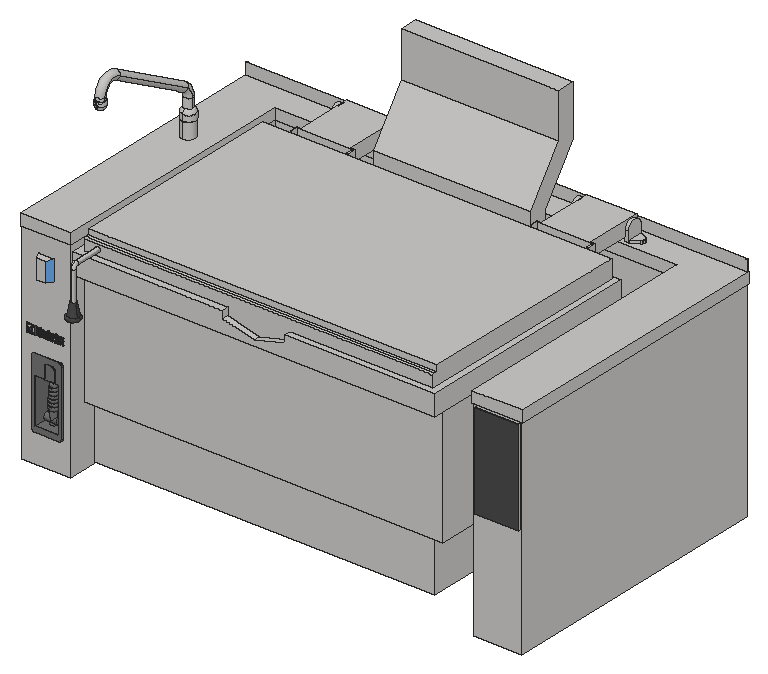
Revit family "QF_ELECTROLUXPROFESSIONAL_586958_PFET17GLCS", category Specialty Equipment, Revit 2018 (continued)
Automatic sketch dimensions
  Extrusion 27 sketch curve to Extrusion 27 sketch curve = 0.624 mm  (x2)
  Extrusion 27 sketch curve to Extrusion 27 sketch curve = 0.016 mm  (x2)
  Extrusion 27 sketch curve to Extrusion 27 sketch curve = 0.709 mm  (x2)
  Extrusion 27 sketch curve to Extrusion 27 sketch curve = 0.602 mm
  Extrusion 27 sketch curve to Extrusion 27 sketch curve = 0.607 mm
  Extrusion 27 sketch curve to Extrusion 27 sketch curve = 0.372 mm  (x2)
  Extrusion 27 sketch curve to Extrusion 27 sketch curve = 1.696 mm
  Extrusion 27 sketch curve to Extrusion 27 sketch curve = 1.752 mm
  Extrusion 27 sketch curve to Extrusion 27 sketch curve = 0.182 mm  (x2)
  Extrusion 27 sketch curve to Extrusion 27 sketch curve = 0.93 mm
  Extrusion 27 sketch curve to Extrusion 27 sketch curve = 0.155 mm  (x2)
  Extrusion 27 sketch curve to Extrusion 27 sketch curve = 0.996 mm
  Extrusion 27 sketch curve to Extrusion 27 sketch curve = 0.297 mm  (x2)
  Extrusion 27 sketch curve to Extrusion 27 sketch curve = 2.359 mm
  Extrusion 27 sketch curve to Extrusion 27 sketch curve = 0.839 mm
  Extrusion 27 sketch curve to Extrusion 27 sketch curve = 0.892 mm  (x2)
  Extrusion 27 sketch curve to Extrusion 27 sketch curve = 0.563 mm
  Extrusion 27 sketch curve to Extrusion 27 sketch curve = 1.037 mm
  Extrusion 27 sketch curve to Extrusion 27 sketch curve = 0.531 mm  (x2)
  Extrusion 27 sketch curve to Extrusion 27 sketch curve = 0.068 mm  (x2)
  Extrusion 27 sketch curve to Extrusion 27 sketch curve = 0.203 mm
  Extrusion 27 sketch curve to Extrusion 27 sketch curve = 0.107 mm  (x2)
  Extrusion 27 sketch curve to Extrusion 27 sketch curve = 1.305 mm
  Extrusion 27 sketch curve to Extrusion 27 sketch curve = 1.058 mm
  Extrusion 27 sketch curve to Extrusion 27 sketch curve = 0.365 mm
  Extrusion 27 sketch curve to Extrusion 27 sketch curve = 0.15 mm  (x2)
  Extrusion 27 sketch curve to Extrusion 27 sketch curve = 0.475 mm
  Extrusion 27 sketch curve to Extrusion 27 sketch curve = 0.292 mm
  Extrusion 27 sketch curve to Extrusion 27 sketch curve = 0.434 mm  (x2)
  Extrusion 27 sketch curve to Extrusion 27 sketch curve = 0.385 mm  (x2)
  Extrusion 27 sketch curve to Extrusion 27 sketch curve = 2.117 mm
  Extrusion 27 sketch curve to Extrusion 27 sketch curve = 0.295 mm  (x2)
  Extrusion 27 sketch curve to Extrusion 27 sketch curve = 0.968 mm
  Extrusion 27 sketch curve to Extrusion 27 sketch curve = 3.826 mm
  Extrusion 27 sketch curve to Extrusion 27 sketch curve = 1.018 mm  (x2)
  Extrusion 27 sketch curve to Extrusion 27 sketch curve = 4.718 mm
  Extrusion 27 sketch curve to Extrusion 27 sketch curve = 2.967 mm
  Extrusion 27 sketch curve to Extrusion 27 sketch curve = 1.662 mm
  Extrusion 27 sketch curve to Extrusion 27 sketch curve = 1.626 mm  (x3)
  Extrusion 27 sketch curve to Extrusion 27 sketch curve = 1.65 mm
  Extrusion 27 sketch curve to Extrusion 27 sketch curve = 1.192 mm
  Extrusion 27 sketch curve to Extrusion 27 sketch curve = 2.57 mm  (x2)
  Extrusion 27 sketch curve to Extrusion 27 sketch curve = 3.444 mm  (x2)
  Extrusion 27 sketch curve to Extrusion 27 sketch curve = 1.343 mm  (x2)
  Extrusion 27 sketch curve to Extrusion 27 sketch curve = 1.353 mm  (x2)
  Extrusion 27 sketch curve to Extrusion 27 sketch curve = 0.027 mm  (x2)
  Extrusion 27 sketch curve to Extrusion 27 sketch curve = 0.395 mm  (x2)
  Extrusion 27 sketch curve to Extrusion 27 sketch curve = 0.329 mm  (x2)
  Extrusion 27 sketch curve to Extrusion 27 sketch curve = 0.425 mm  (x2)
  Extrusion 27 sketch curve to Extrusion 27 sketch curve = 0.051 mm  (x2)
  Extrusion 27 sketch curve to Extrusion 27 sketch curve = 0.495 mm  (x2)
  Extrusion 27 sketch curve to Extrusion 27 sketch curve = 0.267 mm  (x2)
  Extrusion 27 sketch curve to Extrusion 27 sketch curve = 1.40 mm
  Extrusion 27 sketch curve to Extrusion 27 sketch curve = 5.233 mm
  Extrusion 27 sketch curve to Extrusion 27 sketch curve = 2.062 mm
  plane 3 "LEFT" to Extrusion 28 sketch curve = 43.40 mm
  Extrusion 28 sketch curve to Extrusion 28 sketch curve = 82.00 mm
  plane 7 to Extrusion 28 sketch curve = 105.944 mm
  Extrusion 28 sketch curve to Extrusion 28 sketch curve = 195.00 mm
  Extrusion 29 sketch curve to plane 6 "TOP" = 0.00 mm
  Extrusion 29 sketch curve to plane 1 "BACK" = 0.00 mm
  Extrusion 29 sketch curve to Extrusion 29 sketch curve = 2.00 mm
  plane 6 "TOP" to Extrusion 29 sketch curve = 37.998 mm
  radius of Sweep 5 sketch curve = 6.119 mm
  radius of Extrusion 22 sketch curve = 6.35 mm  (x2)
  radius of Extrusion 22 sketch curve = 12.70 mm
  radius of Extrusion 23 sketch curve = 6.35 mm
  radius of curve 27 = 25.00 mm
  radius of Extrusion 27 sketch curve = 2.453 mm
  radius of Extrusion 27 sketch curve = 1.557 mm
  radius of Extrusion 27 sketch curve = 1.468 mm
  radius of Extrusion 27 sketch curve = 2.451 mm
Nested families
  nested 1: "QF_ELECTROLUXPROFESSIONAL_RubSprint" at (80, -330.346, 900), type "QF_ELECTROLUXPROFESSIONAL_RubSprint"
  nested 2: "QF_ELECTROLUXPROFESSIONAL_SprayGun" at (80.4, -837, 291.944), type "QF_ELECTROLUXPROFESSIONAL_SprayGun"
Connectors
  electrical at (1521.204, 5, 320), driven by "Volts"
    settings: on Extrusion 23, index 1, voltage 230 V, apparent load 200 VA, apparent load phase1 0 VA, apparent load phase2 0 VA, apparent load phase3 0 VA, power factor 1, load classification "Other", number of poles 1, system type 30, power factor state 1, is connector primary yes, connector utility no, sub classification motor no, connector description "Electrical Connection"
  piping at (106.204, 5, 395), diameter 12.7
    settings: on Extrusion 22, index 2, connector inside diameter 1/2", connector length 0.00 mm, flow factor 0, pipe flow 0 GPM, pressure drop 0.00 psi, fitting loss kfactor 0, connector angle 0.00°, fixture units 0, engagement length 0.00 mm, angle of deflection 0.00°, flow configuration 1, flow direction 1, fitting loss method 0, system type 20, joint type 0, gender type 0, connector reference index -1, connector utility 0, adjustable connector no, is connector primary yes, connector description "Cold Water Inlet"
  piping at (46.204, 5, 395), diameter 12.7
    settings: on Extrusion 22, index 3, connector inside diameter 1/2", connector length 0.00 mm, flow factor 0, pipe flow 0 GPM, pressure drop 0.00 psi, fitting loss kfactor 0, connector angle 0.00°, fixture units 0, engagement length 0.00 mm, angle of deflection 0.00°, flow configuration 1, flow direction 1, fitting loss method 0, system type 19, joint type 0, gender type 0, connector reference index -1, connector utility 0, adjustable connector no, is connector primary no, connector description "Hot Water Inlet"
  piping at (75, 5, 345), diameter 25.4
    settings: on Extrusion 22, index 4, connector inside diameter 1", connector length 0.00 mm, flow factor 0, pipe flow 0 GPM, pressure drop 0.00 psi, fitting loss kfactor 0, connector angle 0.00°, fixture units 0, engagement length 0.00 mm, angle of deflection 0.00°, flow configuration 1, flow direction 1, fitting loss method 0, system type 7, joint type 0, gender type 0, connector reference index -1, connector utility 0, adjustable connector no, is connector primary no, connector description "Gas Connection"
Definition of nested family "QF_ELECTROLUXPROFESSIONAL_RubSprint"
  Reference planes
    plane 1 "Center (Front/Back)": y = 0
    plane 2: z = 0
    plane 3 "Center (Left/Right)": x = 0
  Forms (mm)
    Revolve 1, solid
      sketch origin (0, 0, 0) x (0, 1, 0) y (0, 0, 1)
        loop
          line (-21, 0) -> (0, 0) -> (0, 82.75) -> (-14.385, 82.75)
          arc (-14.385, 82.75) -> (-19.409, 76.68) -> (-22.385, 69.383) r 26
          line (-22.385, 69.383) -> (-22.385, 51.306) -> (-21, 50.388) -> (-21, 0)
        axis (0, 82.75) -> (0, 0)
      angle from 0 to 360
    Sweep 2, solid
      path origin (0, 0, 0) x (0, 1, 0) y (0, 0, 1)
        loop
          line (0, 82.75) -> (0, 113.75)
          arc (0, 113.75) -> (-5.44, 133.889) -> (-20.279, 148.551) r 40
          line (-20.279, 148.551) -> (-290.279, 301.55)
          arc (-290.279, 301.55) -> (-330.139, 301.31) -> (-349.999, 266.749) r 40
          line (-349.999, 266.749) -> (-349.999, 257.884)
      profile origin (0, 0, 98.25) x (0, -1, 0) y (1, 0, 0)
        loop
          circle (0, 0) r 13.5
    Revolve 3, solid
      sketch origin (0, 0, 0) x (0, 1, 0) y (0, 0, 1)
        loop
          line (-333.717, 244.264) -> (-333.717, 254.236)
          arc (-333.717, 254.236) -> (-334.434, 255.758) -> (-335.779, 256.77) r 3.5
          line (-335.779, 256.77) -> (-336.499, 257.884) -> (-349.999, 257.884) -> (-349.999, 233.05) -> (-339.2, 233.05)
          arc (-339.2, 233.05) -> (-338.052, 233.411) -> (-337.32, 234.365) r 2
          line (-337.32, 234.365) -> (-333.717, 244.264)
        axis (-349.999, 257.884) -> (-349.999, 233.05)
      angle from 0 to 360
  Lines and regions (mm)
    symbolic lines
      curve 1: arc (-13.5, -17.856, 0) -> (0, 22.385, 0) -> (13.5, -17.856, 0) r 22.385
      curve 2: arc (-13.5, 0, 0) -> (0, 13.5, 0) -> (13.5, 0, 0) r 13.5
      curve 3: arc (-13.5, -349.999, 0) -> (0, -363.499, 0) -> (13.5, -349.999, 0) r 13.5
      curve 4: arc (-13.5, -340.897, 0) -> (0, -366.281, 0) -> (13.5, -340.897, 0) r 16.282
      curve 5: line (13.5, -349.999, 0) -> (13.5, 0, 0)
      curve 6: line (-13.5, -349.999, 0) -> (-13.5, 0, 0)
  Dimensions and locks
    aligned and locked: level to plane 2
Definition of nested family "QF_ELECTROLUXPROFESSIONAL_SprayGun"
  Reference planes
    plane 1 "Center (Front/Back)": y = 0
    plane 2: z = 0
    plane 3 "SGy": x = 13
    plane 4 "AxeZ": y = -45
    plane 5 "Center (Left/Right)": x = 4
    plane 6 "Center (Top/Right)": z = 112.5
  Forms (mm)
    Revolve 1, solid
      sketch origin (0, -45, 0) x (0, 0, 1) y (-1, 0, 0)
        loop
          line (73.98, -1.423) -> (33.98, -1.423) -> (33.98, -13) -> (151.7, -13) -> (151.7, -4.362)
          arc (151.7, -4.362) -> (147.093, -1.396) -> (141.64, -1.926) r 8.345
          arc (141.64, -1.926) -> (140.226, -2.024) -> (139.103, -1.16) r 2
          arc (139.103, -1.16) -> (138.832, -0.814) -> (138.493, -0.536) r 2
          arc (138.493, -0.536) -> (134.77, 0.557) -> (131.061, -0.581) r 6.745
          arc (131.061, -0.581) -> (129.812, -0.914) -> (128.62, -0.414) r 2
          arc (128.62, -0.414) -> (124.347, 1.338) -> (119.917, 0.035) r 6.972
          arc (119.917, 0.035) -> (118.79, -0.341) -> (117.648, -0.011) r 2
          arc (117.648, -0.011) -> (113.81, 1.188) -> (109.921, 0.166) r 7.275
          arc (109.921, 0.166) -> (108.725, -0.109) -> (107.594, 0.367) r 2
          arc (107.594, 0.367) -> (103.55, 1.928) -> (99.427, 0.587) r 6.475
          arc (99.427, 0.587) -> (98.262, 0.173) -> (97.076, 0.524) r 2
          arc (97.076, 0.524) -> (92.711, 1.941) -> (88.277, 0.758) r 8.094
          arc (88.277, 0.758) -> (87.212, 0.464) -> (86.153, 0.781) r 2
          arc (86.153, 0.781) -> (79.633, 2.075) -> (73.98, -1.423) r 9.075
        axis (151.7, -13) -> (33.98, -13)
      angle from 0 to 360
    Revolve 2, solid
      sketch origin (0, -45, 0) x (0, 0, 1) y (-1, 0, 0)
        loop
          line (47.58, 11.558) -> (40.98, 11.558) -> (40.98, 9.577) -> (35.98, 9.577) -> (35.98, -30.423) -> (40.98, -30.423) -> (40.98, -35.423) -> (47.58, -35.423) -> (47.58, 11.558)
        axis (47.58, 11.558) -> (47.58, -35.423)
      angle from 0 to 360
    Extrusion 3, solid
      sketch origin (0, -45, 0) x (1, 0, 0) y (0, 1, 0)
        loop
          line (21.638, 0) -> (17.319, 7.481) -> (8.681, 7.481) -> (4.362, 0) -> (8.681, -7.481) -> (17.319, -7.481) -> (21.638, 0)
      from 151.7 to 160.974
    Extrusion 4, solid
      sketch origin (0, 0, 0) x (1, 0, 0) y (0, 0, 1)
        loop
          arc (-45, 10) -> (-42.071, 2.929) -> (-35, 0) r 10
          line (-35, 0) -> (43, 0)
          arc (43, 0) -> (50.071, 2.929) -> (53, 10) r 10
          line (53, 10) -> (53, 215)
          arc (53, 215) -> (50.071, 222.071) -> (43, 225) r 10
          line (43, 225) -> (-35, 225)
          arc (-35, 225) -> (-42.071, 222.071) -> (-45, 215) r 10
          line (-45, 215) -> (-45, 10)
        loop
          line (-35, 162) -> (-35, 16) -> (43, 16) -> (43, 162) -> (29, 162) -> (29, 199)
          arc (29, 199) -> (26.657, 204.657) -> (21, 207) r 8
          line (21, 207) -> (5, 207)
          arc (5, 207) -> (-0.657, 204.657) -> (-3, 199) r 8
          line (-3, 199) -> (-3, 162) -> (-35, 162)
      from 63 to 60
    Extrusion 5, solid
      sketch origin (0, 0, 0) x (1, 0, 0) y (0, 0, 1)
        loop
          line (-35, 16) -> (43, 16) -> (43, 162) -> (29, 162) -> (29, 199)
          arc (29, 199) -> (26.657, 204.657) -> (21, 207) r 8
          line (21, 207) -> (5, 207)
          arc (5, 207) -> (-0.657, 204.657) -> (-3, 199) r 8
          line (-3, 199) -> (-3, 162) -> (-35, 162) -> (-35, 16)
        loop
          line (31, 164) -> (31, 199)
          arc (31, 199) -> (28.071, 206.071) -> (21, 209) r 10
          line (21, 209) -> (5, 209)
          arc (5, 209) -> (-2.071, 206.071) -> (-5, 199) r 10
          line (-5, 199) -> (-5, 164) -> (-37, 164) -> (-37, 14) -> (45, 14) -> (45, 164) -> (31, 164)
      from 0 to 60
    Extrusion 6, solid
      sketch origin (0, 0, 0) x (1, 0, 0) y (0, 0, 1)
        loop
          line (-37, 164) -> (-37, 14) -> (45, 14) -> (45, 164) -> (-37, 164)
      from 6 to 0
    Extrusion 7, solid
      sketch origin (0, 0, 0) x (1, 0, 0) y (0, 0, 1)
        loop
          line (28, 160.974) -> (28, 198)
          arc (28, 198) -> (25.657, 203.657) -> (20, 206) r 8
          line (20, 206) -> (6, 206)
          arc (6, 206) -> (0.343, 203.657) -> (-2, 198) r 8
          line (-2, 198) -> (-2, 160.974) -> (28, 160.974)
      from 0 to 63
  Dimensions and locks
    equal spacing: Extrusion 4, plane 5 "Center (Left/Right)", Extrusion 4
    Extrusion 4 to Extrusion 4 = 225.00 mm
    Extrusion 4 to Extrusion 4 = 98.00 mm
    aligned and locked: level to plane 2
  Automatic sketch dimensions
    plane 3 "SGy" to Revolve 1 sketch curve = 0.00 mm  (x2)
    plane 5 "Center (Left/Right)" to Revolve 1 sketch curve = 2.577 mm
    level to Revolve 1 sketch curve = 33.98 mm
    Revolve 1 sketch curve to Revolve 1 sketch curve = 40.00 mm
    Revolve 1 sketch curve to plane 5 "Center (Left/Right)" = 2.854 mm
    Revolve 1 sketch curve to Revolve 1 sketch curve = 7.27 mm
    Revolve 1 sketch curve to Revolve 1 sketch curve = 5.984 mm
    Revolve 1 sketch curve to plane 5 "Center (Left/Right)" = 2.15 mm
    Revolve 1 sketch curve to Revolve 1 sketch curve = 5.262 mm
    Revolve 1 sketch curve to Revolve 1 sketch curve = 5.712 mm
    Revolve 1 sketch curve to plane 5 "Center (Left/Right)" = 0.545 mm
    Revolve 1 sketch curve to Revolve 1 sketch curve = 5.167 mm
    Revolve 1 sketch curve to Revolve 1 sketch curve = 5.522 mm
    Revolve 1 sketch curve to plane 5 "Center (Left/Right)" = 2.085 mm
    Revolve 1 sketch curve to Revolve 1 sketch curve = 4.746 mm
    Revolve 1 sketch curve to Revolve 1 sketch curve = 5.106 mm
    Revolve 1 sketch curve to plane 5 "Center (Left/Right)" = 1.624 mm
    Revolve 1 sketch curve to Revolve 1 sketch curve = 5.239 mm
    Revolve 1 sketch curve to Revolve 1 sketch curve = 5.96 mm
    Revolve 1 sketch curve to plane 5 "Center (Left/Right)" = 2.187 mm
    Revolve 1 sketch curve to Revolve 1 sketch curve = 4.862 mm
    plane 5 "Center (Left/Right)" to Revolve 1 sketch curve = 1.788 mm
    Revolve 1 sketch curve to Revolve 1 sketch curve = 2.59 mm
    Revolve 1 sketch curve to Revolve 1 sketch curve = 3.403 mm
    plane 3 "SGy" to Revolve 1 sketch curve = 3.493 mm
    Revolve 1 sketch curve to Revolve 1 sketch curve = 4.325 mm
    Revolve 1 sketch curve to Revolve 1 sketch curve = 6.57 mm
    Revolve 1 sketch curve to plane 5 "Center (Left/Right)" = 0.362 mm
    plane 5 "Center (Left/Right)" to Revolve 1 sketch curve = 3.891 mm
    plane 5 "Center (Left/Right)" to Revolve 1 sketch curve = 5.081 mm
    plane 5 "Center (Left/Right)" to Revolve 1 sketch curve = 5.658 mm
    plane 5 "Center (Left/Right)" to Revolve 1 sketch curve = 5.884 mm
    plane 5 "Center (Left/Right)" to Revolve 1 sketch curve = 6.173 mm
    plane 5 "Center (Left/Right)" to Revolve 1 sketch curve = 6.464 mm
    Revolve 1 sketch curve to Revolve 1 sketch curve = 7.72 mm
    Revolve 1 sketch curve to Revolve 1 sketch curve = 0.00 mm  (x12)
    Revolve 1 sketch curve to Revolve 1 sketch curve = 1.57 mm
    Revolve 2 sketch curve to plane 3 "SGy" = 17.423 mm
    level to Revolve 2 sketch curve = 35.98 mm
    Revolve 2 sketch curve to Revolve 2 sketch curve = 5.00 mm  (x3)
    Revolve 2 sketch curve to Revolve 2 sketch curve = 6.60 mm
    plane 5 "Center (Left/Right)" to Revolve 2 sketch curve = 13.577 mm
    Revolve 2 sketch curve to Revolve 2 sketch curve = 1.981 mm
    Revolve 2 sketch curve to Revolve 2 sketch curve = 0.00 mm  (x2)
    Revolve 2 sketch curve to Revolve 2 sketch curve = 4.326 mm
    plane 4 "AxeZ" to Extrusion 3 sketch curve = 0.00 mm  (x2)
    Extrusion 3 sketch curve to plane 5 "Center (Left/Right)" = 0.362 mm
    plane 3 "SGy" to Extrusion 3 sketch curve = 4.319 mm  (x2)
    Extrusion 3 sketch curve to plane 3 "SGy" = 4.319 mm  (x2)
    Extrusion 3 sketch curve to Extrusion 3 sketch curve = 4.319 mm
    plane 4 "AxeZ" to Extrusion 3 sketch curve = 7.481 mm
    Extrusion 3 sketch curve to plane 4 "AxeZ" = 7.481 mm
    Extrusion 4 sketch curve to level = 0.00 mm
    level to Extrusion 4 sketch curve = 10.00 mm
    plane 5 "Center (Left/Right)" to Extrusion 4 sketch curve = 49.00 mm
    Extrusion 4 sketch curve to Extrusion 4 sketch curve = 10.00 mm  (x2)
    Extrusion 4 sketch curve to Extrusion 4 sketch curve = 0.00 mm  (x3)
    plane 5 "Center (Left/Right)" to Extrusion 4 sketch curve = 7.00 mm
    Extrusion 4 sketch curve to plane 5 "Center (Left/Right)" = 1.00 mm
    Extrusion 4 sketch curve to plane 3 "SGy" = 8.00 mm
    Extrusion 4 sketch curve to plane 3 "SGy" = 16.00 mm
    Extrusion 4 sketch curve to Extrusion 4 sketch curve = 14.00 mm  (x2)
    Extrusion 4 sketch curve to Extrusion 4 sketch curve = 6.00 mm
    Extrusion 4 sketch curve to Extrusion 4 sketch curve = 146.00 mm
    Extrusion 4 sketch curve to Extrusion 4 sketch curve = 37.00 mm
    Extrusion 4 sketch curve to Extrusion 4 sketch curve = 16.00 mm
    Extrusion 5 sketch curve to Extrusion 5 sketch curve = 0.00 mm  (x5)
    level to Extrusion 5 sketch curve = 14.00 mm
    plane 5 "Center (Left/Right)" to Extrusion 5 sketch curve = 41.00 mm
    Extrusion 5 sketch curve to Extrusion 5 sketch curve = 2.00 mm  (x6)
    plane 5 "Center (Left/Right)" to Extrusion 5 sketch curve = 9.00 mm
    Extrusion 5 sketch curve to plane 5 "Center (Left/Right)" = 1.00 mm
    Extrusion 5 sketch curve to plane 3 "SGy" = 8.00 mm
    Extrusion 5 sketch curve to Extrusion 5 sketch curve = 8.00 mm
    Extrusion 5 sketch curve to plane 3 "SGy" = 30.00 mm
    Extrusion 5 sketch curve to Extrusion 5 sketch curve = 146.00 mm
    Extrusion 5 sketch curve to Extrusion 5 sketch curve = 35.00 mm
    level to Extrusion 6 sketch curve = 14.00 mm
    plane 5 "Center (Left/Right)" to Extrusion 6 sketch curve = 41.00 mm
    Extrusion 6 sketch curve to plane 3 "SGy" = 32.00 mm
    Extrusion 6 sketch curve to Extrusion 6 sketch curve = 150.00 mm
    plane 5 "Center (Left/Right)" to Extrusion 7 sketch curve = 6.00 mm
    Extrusion 7 sketch curve to plane 5 "Center (Left/Right)" = 2.00 mm
    Extrusion 7 sketch curve to plane 3 "SGy" = 7.00 mm
    Extrusion 7 sketch curve to plane 3 "SGy" = 15.00 mm
    level to Extrusion 7 sketch curve = 160.974 mm
    Extrusion 7 sketch curve to Extrusion 7 sketch curve = 37.026 mm
